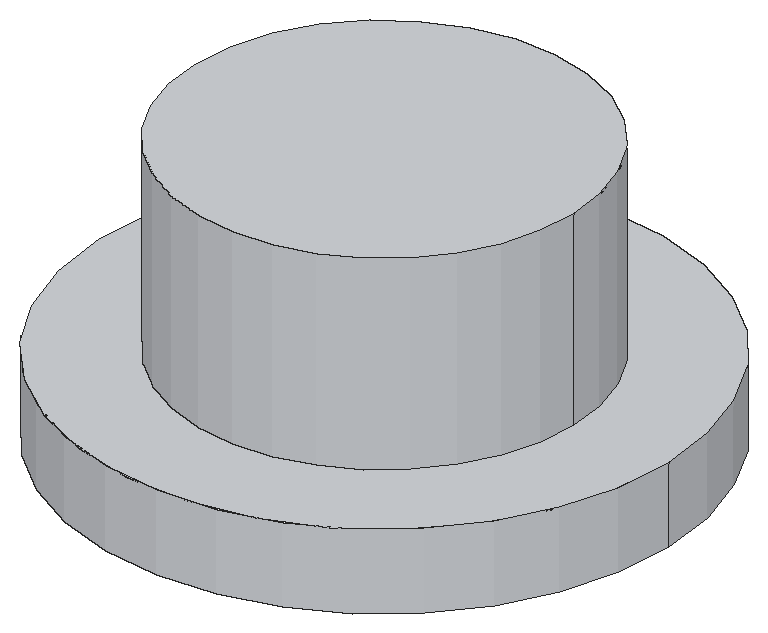
Revit family "AB_Tellerventil", category Luftdurchlässe, Revit 2014
Parameters (values of type "DN 100")
  Volumenstrom [instance] = 0.0 L/s
  Frontplatte_Radius = 75 mm
  Druckverlusst [instance] = 0.0 Pa
  Anschluss_Radius = 50 mm
  Frontplatte_Höhe = 20 mm
  Anschluss_Stutzen_Höhe = 50 mm
  Anschluss_Durchmesser = Anschluss_Radius * 2  # 100 mm
Reference planes
  plane 1 "Mitte (Vorne/Hinten)": y = 0
  plane 2: z = 0
  plane 3 "Mitte (Links/Rechts)": x = 0
  plane 4 "OK_Frontplatte": z = 20
Forms (mm)
  Extrusion 1, solid
    sketch origin (0, 0, 0) x (1, 0, 0) y (0, 1, 0)
      loop
        circle (0, 0) r 75
    from 0 to 20
  Extrusion 2, solid
    sketch origin (0, 0, 20) x (-1, 0, 0) y (0, -1, 0)
      loop
        circle (0, 0) r 50
    from 0 to 50 <- "Anschluss_Stutzen_Höhe"
Dimensions and locks
  "Frontplatte_Höhe": plane 4 "OK_Frontplatte" to plane 2
  "Frontplatte_Radius": radius of Extrusion 1 sketch curve
  "Anschluss_Radius": radius of Extrusion 2 sketch curve
  aligned and locked: level to plane 2
  aligned and locked: plane 4 "OK_Frontplatte" to Extrusion 1
Automatic sketch dimensions
  plane 1 "Mitte (Vorne/Hinten)" to Extrusion 1 sketch curve = 0 mm
  Extrusion 1 sketch curve to plane 3 "Mitte (Links/Rechts)" = 0 mm
  plane 1 "Mitte (Vorne/Hinten)" to Extrusion 2 sketch curve = 0 mm
  Extrusion 2 sketch curve to plane 3 "Mitte (Links/Rechts)" = 0 mm
Connectors
  hvac at (0, 0, 70), driven by "Anschluss_Durchmesser", driven by "Volumenstrom", driven by "Druckverlusst"
    settings: on Extrusion 2, index 1, duct flow 0.0 L/s, flow factor 0, pres drop 0.0 Pa, loss coef 0, conn angle 0.00°, conn width 304.8 mm, conn height 304.8 mm, conn diameter 100 mm, duct sys type 3, conn prof type 0, flow config 1, flow direction 2, loss method 4, conn ref index -1, conn util no, is conn primary yes, conn desc ""
